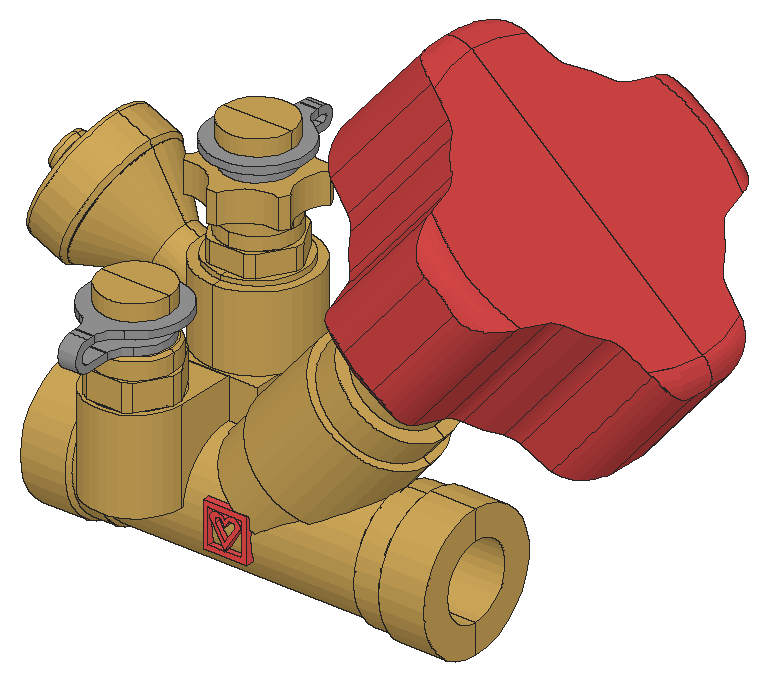
Revit family "HERZ Strömax Балансировочный клапан с измерительной диафрагмой 4017 ML", category Rohrzubehör, Revit 2019
Family settings
  Bemaßung runder Anschluss = Durchmesser verwenden
  Teiletyp = Unterbricht
  OmniClass-Nummer = 23.65.55.14
  OmniClass-Titel = Valves for Liquid Services
  Arbeitsebenenbasiert = Nein
  Immer vertikal = Ja
  Beim Laden mit Abzugskörper schneiden = Nein
  Gemeinsam genutzt = Nein
Parameters
  Среда = "Качество теплоносителя должно соответствовать требованиям ONORM H 5195, VDI 2035.\r\nДопускается использование смеси этилен- пропиленгликоля в процентном соотношении 25-50% с водой."
  Область применения = "Балансировочные клапаны применяются для гидравлической балансировки систем отопления и охлаждения, регулировки магистральных трубопроводов, стояков, теплообменников, регистров отопления и охлаждения."
  Номер заказа [instance] = size_lookup("4017_ML_", "Artnr", 0, Nennweite)  # 1401731
  Макс. рабочее давление = 2000000.0 Pa  # constant formula
  Макс. рабочая температура = 130 °C  # constant formula
  Макс. перепад давления на закрытом седле = 1000000.0 Pa  # constant formula
  Корпус = "латунь, устойчивая к селективной цинковой коррозии"  # constant formula
  Исполнение = "Балансировочный клапан ГЕРЦ 4017ML с измерительной диафрагмой и возможностью подключения импульсной трубки и двумя измерительными клапанами для измерений перепадов давления наклонный неподнимающийся шпиндель, муфта х муфта, без покрытия, фиксированная воспроизводимая предварительная настройка, показания преднастройки считываются в окошке маховика, с обеих сторон резьбовые муфты, уплотнение шпинделя при помощи тройных уплотнительных колец O-Ring."
  kvs-значения [instance] = if(Nennweite = 15.000 mm, 2, if(Nennweite = 20.000 mm, 3.6, if(Nennweite = 25.000 mm, 6.5, if(Nennweite = 32.000 mm, 13.3, if(Nennweite = 40.000 mm, 18.5, if(Nennweite = 50.000 mm, 33, 0))))))  # 2
  kv-диафрагмы [instance] = if(Nennweite = 15.000 mm, 1.95, if(Nennweite = 20.000 mm, 3.95, if(Nennweite = 25.000 mm, 7.9, if(Nennweite = 32.000 mm, 15.75, if(Nennweite = 40.000 mm, 21.5, if(Nennweite = 50.000 mm, 46.7, 0))))))  # 1.95
  W01 = 50.00°  # constant formula
  URL = "www.herz-armaturen.ru"
  SW01 = 60.00°  # constant formula
  SCRNSEQ = "ARM;ARM_TYP=\"STRV\";2"
  SCRNCODE = "05;07;02"  # constant formula
  S03 = 60.000 mm  # constant formula
  S02 [instance] = L04 + L06 + L07  # 76.800 mm
  S01 [instance] = D01 * 2  # 27.000 mm
  R03 = 21.500 mm  # constant formula
  R02 = 9.500 mm  # constant formula
  R01 = 12.000 mm  # constant formula
  L10 [instance] = size_lookup("4017_ML_", "L10", 1.000 mm, Nennweite)  # 28.500 mm
  L09 [instance] = size_lookup("4017_ML_", "L9", 1.000 mm, Nennweite)  # 22.500 mm
  L08 [instance] = size_lookup("4017_ML_", "L8", 1.000 mm, Nennweite)  # 12.700 mm
  L07 [instance] = size_lookup("4017_ML_", "L7", 1.000 mm, Nennweite)  # 35.100 mm
  L06 [instance] = size_lookup("4017_ML_", "L6", 1.000 mm, Nennweite)  # 6.500 mm
  L05 [instance] = size_lookup("4017_ML_", "L5", 1.000 mm, Nennweite)  # 20.200 mm
  L04 [instance] = size_lookup("4017_ML_", "L4", 1.000 mm, Nennweite)  # 35.200 mm
  L03 [instance] = size_lookup("4017_ML_", "L3", 1.000 mm, Nennweite)  # 1.000 mm
  H03 [instance] = H01 - 19.000 mm  # 1.000 mm
  H02 = 13.000 mm  # constant formula
  E01 [instance] = L00 / -2  # -41.500 mm
  E00 = 0.000 mm  # constant formula
  D09 [instance] = size_lookup("4017_ML_", "D9", 1.000 mm, Nennweite)  # 11.750 mm
  D08 [instance] = size_lookup("4017_ML_", "D8", 1.000 mm, Nennweite)  # 9.500 mm
  D07 [instance] = size_lookup("4017_ML_", "D7", 1.000 mm, Nennweite)  # 12.000 mm
  D06 [instance] = size_lookup("4017_ML_", "D6", 1.000 mm, Nennweite)  # 13.500 mm
  D05 [instance] = size_lookup("4017_ML_", "D5", 1.000 mm, Nennweite)  # 12.500 mm
  D04 [instance] = Nennweite / 2  # 7.500 mm
  IG [instance] = Nennweite / 2  # 7.500 mm
  D03 [instance] = size_lookup("4017_ML_", "D3", 1.000 mm, Nennweite)  # 11.900 mm
  D02 [instance] = size_lookup("4017_ML_", "D2", 1.000 mm, Nennweite)  # 12.700 mm
  D01 [instance] = size_lookup("4017_ML_", "D1", 1.000 mm, Nennweite)  # 13.500 mm
  Nennweite [instance] = 15.000 mm
  L02 [instance] = size_lookup("4017_ML_", "L2", 1.000 mm, Nennweite)  # 5.000 mm
  L01 [instance] = size_lookup("4017_ML_", "L1", 1.000 mm, Nennweite)  # 9.250 mm
  L00 [instance] = size_lookup("4017_ML_", "L", 1.000 mm, Nennweite)  # 83.000 mm
  Hersteller = "HERZ Armaturen Ges.m.b.H."  # constant formula
  H01 [instance] = size_lookup("4017_ML_", "H1", 1.000 mm, Nennweite)  # 20.000 mm
  GT [instance] = size_lookup("4017_ML_", "GT", 1.000 mm, Nennweite)  # 13.200 mm
  DN50 [instance] = Nennweite = 50.000 mm  # no
  DN40 [instance] = Nennweite = 40.000 mm  # no
  DN32 [instance] = Nennweite = 32.000 mm  # no
  DN25 [instance] = Nennweite = 25.000 mm  # no
  DN20 [instance] = Nennweite = 20.000 mm  # no
  DN15 [instance] = Nennweite = 15.000 mm  # yes
Reference planes
  plane 1 "Mitte (Vorne/hinten)": y = 0
  plane 2: z = 0
  plane 3 "Mitte (Links/rechts)": x = 0
Forms (mm)
  Revolve 1, solid, material "Messing, weicher Gelbton, geschweißt", detail levels fine
    sketch origin (470, 0, 0) x (1, 0, 0) y (0, 0, 1)
      loop
        line (-511.5, 7.5) -> (-498.3, 7.5) -> (-498.3, 0) -> (-441.7, 0) -> (-441.7, 7.5) -> (-428.5, 7.5) -> (-428.5, 13.5) -> (-437.75, 13.5) -> (-438.421, 12.7) -> (-443.421, 12.7) -> (-444.093, 11.9) -> (-495.907, 11.9) -> (-496.579, 12.7) -> (-501.579, 12.7) -> (-502.25, 13.5) -> (-511.5, 13.5) -> (-511.5, 7.5)
      axis (-511.5, 0) -> (-428.5, 0)
    angle from 0 to 360
  Revolve 2, solid, material "Messing, weicher Gelbton, geschweißt", detail levels fine
    sketch origin (0.32, 0, -0.105) x (1, 0, 0) y (0, 0, 1)
      loop
        line (-1.32, 0.105) -> (48.046, 58.937) -> (39.045, 66.49) -> (30.882, 56.761) -> (32.605, 55.315) -> (18.207, 38.155) -> (16.292, 39.762) -> (12.114, 34.783) -> (10.964, 35.747) -> (-2.02, 20.273) -> (-1.254, 19.63) -> (-7.652, 12.005) -> (-7.065, 4.926) -> (-1.32, 0.105)
      axis (-1.32, 0.105) -> (48.046, 58.937)
    angle from 0 to 360
  Extrusion 3, solid, material "Messing, weicher Gelbton, geschweißt", detail levels fine
    sketch origin (0, 0, 0) x (1, 0, 0) y (0, 1, 0)
      loop
        arc (-28.5, -12) -> (-19, -21.5) -> (-9.5, -12) r 9.5
        line (-9.5, -12) -> (-9.5, 0) -> (-28.5, 0) -> (-28.5, -12)
    from 1 <- "H03" to 20 <- "H01"
  Extrusion 4, solid, material "Messing, weicher Gelbton, geschweißt", detail levels fine
    sketch origin (0, 0, 0) x (1, 0, 0) y (0, 1, 0)
      loop
        line (-22.5, 12) -> (-22.5, 0) -> (-3.5, 0) -> (-3.5, 12)
        arc (-3.5, 12) -> (-13, 21.5) -> (-22.5, 12) r 9.5
    from 0 to 20 <- "H01"
  Extrusion 5, void
    sketch origin (0, 0, 0) x (1, 0, 0) y (0, 0, 1)
      loop
        line (55, 0) -> (80, 0) -> (80, 73) -> (55, 73) -> (55, 0)
    from 55 to -55
Cuts and joins
  Extrusion 5 cuts Revolve 2
Lines and regions (mm)
  model lines, detail levels coarse+medium
    curve 1: line (-41.5, 0, 13.5) -> (-41.5, 0, -13.5)
    curve 2: line (-41.5, 0, -13.5) -> (41.5, 0, 13.5)
    curve 3: line (41.5, 0, 13.5) -> (41.5, 0, -13.5)
    curve 4: line (41.5, 0, -13.5) -> (-41.5, 0, 13.5)
    curve 5: line (0, 0, 0) -> (38.4, 0, 66.511)
    curve 6: line (12.419, 0, 81.511) -> (64.381, 0, 51.511)
    curve 7: line (-41.5, -13.5, 0) -> (-41.5, 13.5, 0)
    curve 8: line (-41.5, 13.5, 0) -> (41.5, -13.5, 0)
    curve 9: line (41.5, -13.5, 0) -> (41.5, 13.5, 0)
    curve 10: line (41.5, 13.5, 0) -> (-41.5, -13.5, 0)
    curve 11: line (0, 0, 0) -> (38.4, 66.511, 0)
    curve 12: line (12.419, 81.511, 0) -> (64.381, 51.511, 0)
Dimensions and locks
  "L00": Revolve 1 sketch curve to Revolve 1 sketch curve
  equal spacing: Revolve 1 sketch curve, plane 3 "Mitte (Links/rechts)", Revolve 1 sketch curve
  "D01": Revolve 1 sketch curve to Revolve 1 sketch curve  (x2)
  "GT": Revolve 1 sketch curve to Revolve 1 sketch curve  (x2)
  "D06": Revolve 2 sketch curve to Revolve 2 sketch curve
  "D07": Revolve 2 sketch curve to Revolve 2 sketch curve
  "D08": Revolve 2 sketch curve to Revolve 2 sketch curve
  "D09": Revolve 2 sketch curve to Revolve 2 sketch curve
  equal spacing: curve 1, plane 3 "Mitte (Links/rechts)", curve 3
  "L00": curve 1 to curve 3
  equal spacing: curve 4, plane 2, curve 2
  "S01": curve 4 to curve 1
  "S01": curve 3 to curve 4
  equal spacing: curve 3, plane 2, curve 4
  "S02": curve 5 to curve 5
  equal spacing: curve 6, curve 5, curve 6
  "S03": curve 6 to curve 6
  equal spacing: curve 7, plane 3 "Mitte (Links/rechts)", curve 9
  "L00": curve 7 to curve 9
  equal spacing: curve 10, plane 1 "Mitte (Vorne/hinten)", curve 8
  "S01": curve 8 to curve 10
  equal spacing: curve 9, plane 1 "Mitte (Vorne/hinten)", curve 10
  "S01": curve 10 to curve 9
  "S02": curve 11 to curve 11
  equal spacing: curve 12, curve 11, curve 12
  "S03": curve 12 to curve 12
  "L01": Revolve 1 sketch curve to Revolve 1 sketch curve  (x2)
  "D02": Revolve 1 sketch curve to plane 2  (x2)
  "D03": Revolve 1 sketch curve to plane 2
  "IG": Revolve 1 sketch curve to plane 2  (x2)
  "L02": Revolve 1 sketch curve to Revolve 1 sketch curve  (x2)
  "L04": Revolve 2 sketch curve to Revolve 2 sketch curve
  "L05": Revolve 2 sketch curve to Revolve 2 sketch curve
  "D03": Revolve 2 sketch curve to plane 2
  "L06": Revolve 2 sketch curve to Revolve 2 sketch curve
  "L08": Revolve 2 sketch curve to Revolve 2 sketch curve
  "L07": Revolve 2 sketch curve to Revolve 2 sketch curve
  "D04": Revolve 2 sketch curve to Revolve 2 sketch curve
  "D05": Revolve 2 sketch curve to Revolve 2 sketch curve
  "L03": plane 3 "Mitte (Links/rechts)" to Revolve 2 sketch curve  (x2)
  "D03": nested 1 to plane 1 "Mitte (Vorne/hinten)"
  "L09": Revolve 1 to Extrusion 3 sketch curve
  "R01": Extrusion 3 sketch curve to plane 1 "Mitte (Vorne/hinten)"
  "R01": plane 1 "Mitte (Vorne/hinten)" to Extrusion 4 sketch curve
  "L10": Revolve 1 to Extrusion 4 sketch curve
  "H01": nested 2 to plane 2
  "R01": nested 2 to plane 1 "Mitte (Vorne/hinten)"
  "L09": Revolve 1 to nested 2
  Extrusion 5 sketch curve to plane 3 "Mitte (Links/rechts)" = 55.000 mm
  Extrusion 5 sketch curve to Extrusion 5 sketch curve = 25.000 mm
  Extrusion 5 sketch curve to plane 2 = 73.000 mm
  "L10": Revolve 1 to nested 9
  "R01": plane 1 "Mitte (Vorne/hinten)" to nested 9
  "H01": nested 9 to plane 2
  "R02": radius of Extrusion 3 sketch curve
  "R02": radius of Extrusion 4 sketch curve
  "W01": angle level to Revolve 2 sketch curve
  "SW01": angle plane 2 to curve 5
  "SW01": angle plane 1 "Mitte (Vorne/hinten)" to curve 11
  "W01": angle Revolve 1 sketch curve to Revolve 1 sketch curve  (x4)
  "W01": angle plane 2 to Revolve 2 sketch curve
  aligned and locked: level to plane 2
Automatic sketch dimensions
  Extrusion 5 sketch curve to level = 0.000 mm
  curve 5 to level = 0.000 mm
  plane 1 "Mitte (Vorne/hinten)" to curve 11 = 0.000 mm
  Revolve 1 sketch curve to level = 0.000 mm  (x2)
  Revolve 1 sketch curve to Revolve 1 sketch curve = 791.990 mm
  Revolve 1 sketch curve to Revolve 1 sketch curve = 2278.983 mm
  Revolve 2 sketch curve to level = 0.000 mm  (x2)
  plane 1 "Mitte (Vorne/hinten)" to Extrusion 3 sketch curve = 0.000 mm
  plane 1 "Mitte (Vorne/hinten)" to Extrusion 4 sketch curve = 0.000 mm
Nested families
  nested 1: "Herz-Logo-vorne" at (0, -11.9, 0) x (0, 1, 0) z (0, 0, 1), type "Herz-Logo-vorne", detail levels fine
  nested 2: "Messstutzen_Band_Eintritt_senkrecht_(oben)" at (-19, -12, 2.5) x (-1, 0, 0) z (0, 0, 1), type "Messstutzen_Band_Eintritt_senkrecht_(oben)", detail levels fine
    with Schutzkappe yes, Nennweite 0.000 mm, Gewicht 0.00 kg, Bestellnummer 0
  nested 3: "Strangregulierventil-Handrad (Rot) DN15-DN32" at (48.366, 0, 58.832), visible <- "DN15", type "Strangregulierventil-Handrad (Rot) DN15-DN32"
    with Nennweite 0.000 mm, Gewicht 0.00 kg, Bestellnummer 0
  nested 4: "Strangregulierventil-Handrad (Rot) DN15-DN32" at (50.13, 0, 62.126), visible <- "DN20", type "Strangregulierventil-Handrad (Rot) DN15-DN32"
    with Nennweite 0.000 mm, Gewicht 0.00 kg, Bestellnummer 0
  nested 5: "Strangregulierventil-Handrad (Rot) DN15-DN32" at (55.886, 0, 73.157), visible <- "DN25", type "Strangregulierventil-Handrad (Rot) DN15-DN32"
    with Nennweite 0.000 mm, Gewicht 0.00 kg, Bestellnummer 0
  nested 6: "Strangregulierventil-Handrad (Rot) DN15-DN32" at (60.493, 0, 82.58), visible <- "DN32", type "Strangregulierventil-Handrad (Rot) DN15-DN32"
    with Nennweite 0.000 mm, Gewicht 0.00 kg, Bestellnummer 0
  nested 7: "Strangregulierventil-Handrad (Rot) DN40-DN50" at (68.72, 0, 95.602), visible <- "DN40", type "Strangregulierventil-Handrad (Rot) DN40-DN50"
    with Nennweite 0.000 mm, Gewicht 0.00 kg, Bestellnummer 0
  nested 8: "Strangregulierventil-Handrad (Rot) DN40-DN50" at (66.762, 0, 99.586), visible <- "DN50", type "Strangregulierventil-Handrad (Rot) DN40-DN50"
    with Nennweite 0.000 mm, Gewicht 0.00 kg, Bestellnummer 0
  nested 9: "Messstutzen_Band-KFE_Austritt_senkrecht_(oben)" at (-13, 12, 24.41), type "Messstutzen_Band-KFE_Austritt_senkrecht_(oben)", detail levels fine
    with Schutzkappe yes, Nennweite 0.000 mm, Gewicht 0.00 kg, Bestellnummer 0
Connectors
  piping at (-28.3, 0, 0), diameter 15, driven by "Nennweite"
    settings: on Revolve 1, index 1, connector inside diameter 609.6 mm, connector length 0.000 mm, flow factor 0, pipe flow 0.0 L/s, pressure drop 0.0 Pa, fitting loss kfactor 0, connector angle 0.00°, fixture units 0, engagement length 0.000 mm, angle of deflection 0.00°, flow configuration 0, flow direction 1, fitting loss method 0, system type 29, joint type 0, gender type 0, connector reference index -1, connector utility 0, adjustable connector no, is connector primary yes, connector description ""
  piping at (28.3, 0, 0), diameter 15, driven by "Nennweite"
    settings: on Revolve 1, index 2, connector inside diameter 609.6 mm, connector length 0.000 mm, flow factor 0, pipe flow 0.0 L/s, pressure drop 0.0 Pa, fitting loss kfactor 0, connector angle 0.00°, fixture units 0, engagement length 0.000 mm, angle of deflection 0.00°, flow configuration 0, flow direction 2, fitting loss method 0, system type 29, joint type 0, gender type 0, connector reference index -1, connector utility 0, adjustable connector no, is connector primary no, connector description ""
Definition of nested family "Herz-Logo-vorne"
  Reference planes
    plane 1 "Mitte (Vorne/hinten)": y = 0
    plane 2: z = 0
    plane 3 "Mitte (Links/rechts)": x = 0
  Forms (mm)
    Extrusion 1, solid
      sketch origin (0.732, -0.018, 0.017) x (0, -1, 0) y (0, 0, 1)
        loop
          line (-0.018, -4.517) -> (4.482, -4.517) -> (4.482, 4.483) -> (-4.518, 4.483) -> (-4.518, -4.517) -> (-0.018, -4.517)
        loop
          line (-0.05, -3.48) -> (3.482, -3.48) -> (3.482, 3.483) -> (-3.518, 3.483) -> (-3.518, -3.48) -> (-0.05, -3.48)
        loop
          arc (-0.018, 2.383) -> (-1.543, 3.287) -> (-3.067, 2.383) r 1.738
          arc (-3.067, 2.383) -> (-3.191, 1.899) -> (-3.067, 1.415) r 1.009
          line (-3.067, 1.415) -> (-0.018, -3.281) -> (3.032, 1.415)
          arc (3.032, 1.415) -> (3.156, 1.899) -> (3.032, 2.383) r 1.009
          arc (3.032, 2.383) -> (1.507, 3.287) -> (-0.018, 2.383) r 1.738
        loop
          arc (1.885, 1.272) -> (2.005, 1.675) -> (1.885, 2.079) r 0.74
          arc (1.885, 2.079) -> (1.265, 2.416) -> (0.644, 2.079) r 0.74
          line (0.644, 2.079) -> (-0.018, 0.97) -> (-0.679, 2.079)
          arc (-0.679, 2.079) -> (-1.3, 2.416) -> (-1.921, 2.079) r 0.74
          arc (-1.921, 2.079) -> (-2.04, 1.675) -> (-1.921, 1.272) r 0.74
          line (-1.921, 1.272) -> (-0.018, -1.658) -> (1.885, 1.272)
      from 0 to 1.5
  Dimensions and locks
    aligned and locked: level to plane 2
Definition of nested family "Messstutzen_Band_Eintritt_senkrecht_(oben)"
  Parameters (values of type "Messstutzen_Band_Eintritt_senkrecht_(oben)")
    URL = "www.herz-armaturen.at"
    Schutzkappe [instance] = yes
    Nennweite [instance] = 0.000 mm
    Manufacturer = "Herz Armaturen GmbH"  # constant formula
    Gewicht [instance] = 0.00 kg
    Bestellnummer [instance] = 0
  Reference planes
    plane 1 "Mitte (Vorne/hinten)": y = 0
    plane 2: z = 0
    plane 3 "Mitte (Links/rechts)": x = 0
    plane 4 "Schlaufe 1": z = -27
    plane 5 "Schlaufe 2": z = -31.678
  Forms (mm)
    Revolve 1, solid, detail levels fine
      sketch origin (0, 0, 0) x (1, 0, 0) y (0, 0, 1)
        loop
          line (-7.4, 9) -> (-5.55, 9) -> (-5.55, 6)
          arc (-5.55, 6) -> (-5.626, 5.617) -> (-5.843, 5.293) r 1
          line (-5.843, 5.293) -> (-6.455, 4.681) -> (-6.455, 0.9) -> (-5.555, 0) -> (-2, 0) -> (-2, 17.5) -> (-8.4, 17.5)
          arc (-8.4, 17.5) -> (-7.693, 17.207) -> (-7.4, 16.5) r 1
          line (-7.4, 16.5) -> (-7.4, 9)
        loop
          line (-3.7, 27) -> (-7.3, 27) -> (-7.9, 26.4) -> (-7.9, 23) -> (-2, 23) -> (-2, 35.8) -> (-3.805, 35.8) -> (-4.415, 35.19) -> (-4.415, 30.863) -> (-3.7, 30.45) -> (-3.7, 27)
        axis (0, 0) -> (0, 35.8)
      angle from 0 to 360
    Extrusion 2, solid, detail levels fine
      sketch origin (0, 0, 17.5) x (0, 1, 0) y (-1, 0, 0)
        loop
          arc (-7.07, 5.156) -> (-7.578, 4.375) -> (-8, 3.544) r 8.75
          line (-8, 3.544) -> (-8, -3.544)
          arc (-8, -3.544) -> (-7.578, -4.375) -> (-7.07, -5.156) r 8.75
          line (-7.07, -5.156) -> (-0.93, -8.7)
          arc (-0.93, -8.7) -> (0, -8.75) -> (0.93, -8.7) r 8.75
          line (0.93, -8.7) -> (7.07, -5.156)
          arc (7.07, -5.156) -> (7.578, -4.375) -> (8, -3.544) r 8.75
          line (8, -3.544) -> (8, 3.544)
          arc (8, 3.544) -> (7.578, 4.375) -> (7.07, 5.156) r 8.75
          line (7.07, 5.156) -> (0.93, 8.7)
          arc (0.93, 8.7) -> (0, 8.75) -> (-0.93, 8.7) r 8.75
          line (-0.93, 8.7) -> (-7.07, 5.156)
      from 0 to 5.5
    Revolve 3, solid, visible <- "Schutzkappe", detail levels fine
      sketch origin (0, 0, 0) x (1, 0, 0) y (0, 0, 1)
        loop
          line (0, 35.878) -> (0, 36.678) -> (-7, 36.678) -> (-7, 33.378) -> (-6.1, 33.378) -> (-6.1, 31.678) -> (-6.9, 31.678) -> (-6.9, 30.178) -> (-4.415, 30.178) -> (-4.415, 35.268) -> (-3.805, 35.878) -> (0, 35.878)
        axis (0, 30.178) -> (0, 36.678)
      angle from 0 to 360
    Extrusion 4, solid, detail levels fine
      sketch origin (0, 0, 28.5) x (1, 0, 0) y (0, 1, 0)
        loop
          circle (0, 0) r 3.7
        loop
          arc (-3.906, 5.505) -> (0, -6.75) -> (3.906, 5.505) r 6.75
          arc (3.906, 5.505) -> (2.358, 7.288) -> (1.8, 9.582) r 5
          line (1.8, 9.582) -> (-1.8, 9.582)
          arc (-1.8, 9.582) -> (-2.358, 7.288) -> (-3.906, 5.505) r 5
      from 0 to -1.5
    Extrusion 5, solid, detail levels fine
      sketch origin (0, 0, 33.178) x (1, 0, 0) y (0, 1, 0)
        loop
          circle (0, 0) r 6.1
        loop
          arc (-4.495, 8.652) -> (0, -9.75) -> (4.495, 8.652) r 9.75
          arc (4.495, 8.652) -> (2.527, 10.493) -> (1.8, 13.089) r 5
          line (1.8, 13.089) -> (-1.8, 13.089)
          arc (-1.8, 13.089) -> (-2.527, 10.493) -> (-4.495, 8.652) r 5
      from 0 to -1.5
    Sweep 6, solid, detail levels fine
      path origin (0, 0, 0) x (0, 0, -1) y (0, -1, 0)
        loop
          line (-27.75, -9.582) -> (-27.75, -14.522)
          arc (-27.75, -14.522) -> (-30.089, -16.862) -> (-32.428, -14.522) r 2.339
          line (-32.428, -14.522) -> (-32.428, -13.089)
      profile origin (0, 12.052, 27.75) x (0, 0, 1) y (1, 0, 0)
        loop
          line (-0.75, -1.8) -> (0.75, -1.8) -> (0.75, 1.8) -> (-0.75, 1.8) -> (-0.75, -1.8)
  Dimensions and locks
    aligned and locked: level to plane 2
Definition of nested family "Strangregulierventil-Handrad (Rot) DN15-DN32"
  Parameters (values of type "Strangregulierventil-Handrad (Rot) DN15-DN32")
    URL = "www.herz-armaturen.at"
    Nennweite [instance] = 0.000 mm
    Manufacturer = "Herz Armaturen GmbH"  # constant formula
    Gewicht [instance] = 0.00 kg
    Bestellnummer [instance] = 0
  Reference planes
    plane 1 "Mitte (Vorne/hinten)": y = 0
    plane 2: z = 0
    plane 3 "Mitte (Links/rechts)": x = 0
  Forms (mm)
    Revolve 1, solid, detail levels fine
      sketch origin (0, 0, 0) x (0.766044, 0, -0.642788) y (0.642788, 0, 0.766044)
        loop
          line (0, 0) -> (0, 24.95) -> (-30.992, 24.95)
          arc (-30.992, 24.95) -> (-34.37, 23.636) -> (-35.973, 20.386) r 5
          line (-35.973, 20.386) -> (-37, 8.65) -> (-35.986, -2.936)
          arc (-35.986, -2.936) -> (-34.383, -6.186) -> (-31.005, -7.5) r 5
          line (-31.005, -7.5) -> (-15, -7.5) -> (-15, 0) -> (0, 0)
        axis (0, 24.95) -> (0, -7.5)
      angle from 0 to 360
    Extrusion 2, void
      sketch origin (13.049, 0, 15.551) x (0.766044, 0, -0.642788) y (0, 1, 0)
        loop
          line (3.861, 35.5) -> (-3.861, 35.5)
          arc (-3.861, 35.5) -> (-8.731, 33.847) -> (-11.589, 29.571) r 8
          line (-11.589, 29.571) -> (-13.284, 23.245)
          arc (-13.284, 23.245) -> (-13.982, 21.722) -> (-15.144, 20.516) r 5
          arc (-15.144, 20.516) -> (-18.031, 18.031) -> (-20.516, 15.144) r 25.5
          arc (-20.516, 15.144) -> (-21.722, 13.982) -> (-23.245, 13.284) r 5
          line (-23.245, 13.284) -> (-29.571, 11.589)
          arc (-29.571, 11.589) -> (-33.847, 8.731) -> (-35.5, 3.861) r 8
          line (-35.5, 3.861) -> (-35.5, -3.861)
          arc (-35.5, -3.861) -> (-33.847, -8.731) -> (-29.571, -11.589) r 8
          line (-29.571, -11.589) -> (-23.245, -13.284)
          arc (-23.245, -13.284) -> (-21.722, -13.982) -> (-20.516, -15.144) r 5
          arc (-20.516, -15.144) -> (-18.031, -18.031) -> (-15.144, -20.516) r 25.5
          arc (-15.144, -20.516) -> (-13.982, -21.722) -> (-13.284, -23.245) r 5
          line (-13.284, -23.245) -> (-11.589, -29.571)
          arc (-11.589, -29.571) -> (-8.731, -33.847) -> (-3.861, -35.5) r 8
          line (-3.861, -35.5) -> (3.861, -35.5)
          arc (3.861, -35.5) -> (8.731, -33.847) -> (11.589, -29.571) r 8
          line (11.589, -29.571) -> (13.284, -23.245)
          arc (13.284, -23.245) -> (13.982, -21.722) -> (15.144, -20.516) r 5
          arc (15.144, -20.516) -> (18.031, -18.031) -> (20.516, -15.144) r 25.5
          arc (20.516, -15.144) -> (21.722, -13.982) -> (23.245, -13.284) r 5
          line (23.245, -13.284) -> (29.571, -11.589)
          arc (29.571, -11.589) -> (33.847, -8.731) -> (35.5, -3.861) r 8
          line (35.5, -3.861) -> (35.5, 3.861)
          arc (35.5, 3.861) -> (33.847, 8.731) -> (29.571, 11.589) r 8
          line (29.571, 11.589) -> (23.245, 13.284)
          arc (23.245, 13.284) -> (21.722, 13.982) -> (20.516, 15.144) r 5
          arc (20.516, 15.144) -> (18.031, 18.031) -> (15.144, 20.516) r 25.5
          arc (15.144, 20.516) -> (13.982, 21.722) -> (13.284, 23.245) r 5
          line (13.284, 23.245) -> (11.589, 29.571)
          arc (11.589, 29.571) -> (8.731, 33.847) -> (3.861, 35.5) r 8
        loop
          circle (0, 0) r 38
      from -31.266 to 7.923
  Cuts and joins
    Extrusion 2 cuts Revolve 1
  Dimensions and locks
    Revolve 1 sketch curve to Revolve 1 sketch curve = 15.000 mm
    Revolve 1 sketch curve to Revolve 1 sketch curve = 16.150 mm
    Revolve 1 sketch curve to Revolve 1 sketch curve = 16.300 mm
    angle Revolve 1 sketch curve to Revolve 1 sketch curve = 95.00°
    aligned and locked: level to plane 2
Definition of nested family "Strangregulierventil-Handrad (Rot) DN40-DN50"
  Parameters (values of type "Strangregulierventil-Handrad (Rot) DN40-DN50")
    URL = "www.herz-armaturen.at"
    Nennweite [instance] = 0.000 mm
    Manufacturer = "Herz Armaturen GmbH"  # constant formula
    Gewicht [instance] = 0.00 kg
    Bestellnummer [instance] = 0
  Reference planes
    plane 1 "Mitte (Vorne/hinten)": y = 0
    plane 2: z = 0
    plane 3 "Mitte (Links/rechts)": x = 0
  Forms (mm)
    Revolve 1, solid, detail levels fine
      sketch origin (0, 0, 0) x (0.766044, 0, -0.642788) y (0.642788, 0, 0.766044)
        loop
          line (0, 0) -> (0, 24.95) -> (-50.992, 24.95)
          arc (-50.992, 24.95) -> (-54.37, 23.636) -> (-55.973, 20.386) r 5
          line (-55.973, 20.386) -> (-57, 8.65) -> (-55.986, -2.936)
          arc (-55.986, -2.936) -> (-54.383, -6.186) -> (-51.005, -7.5) r 5
          line (-51.005, -7.5) -> (-15, -7.5) -> (-15, 0) -> (0, 0)
        axis (0, 24.95) -> (0, -7.5)
      angle from 0 to 360
    Extrusion 2, void
      sketch origin (13.049, 0, 15.551) x (0.766044, 0, -0.642788) y (0, 1, 0)
        loop
          line (-55, 6.292) -> (-55, -6.292)
          arc (-55, -6.292) -> (-52.52, -13.597) -> (-46.106, -17.883) r 12
          line (-46.106, -17.883) -> (-35.399, -20.752)
          arc (-35.399, -20.752) -> (-33.541, -21.612) -> (-32.08, -23.047) r 6
          arc (-32.08, -23.047) -> (-27.931, -27.931) -> (-23.047, -32.08) r 39.5
          arc (-23.047, -32.08) -> (-21.612, -33.541) -> (-20.752, -35.399) r 6
          line (-20.752, -35.399) -> (-17.883, -46.106)
          arc (-17.883, -46.106) -> (-13.597, -52.52) -> (-6.292, -55) r 12
          line (-6.292, -55) -> (6.292, -55)
          arc (6.292, -55) -> (13.597, -52.52) -> (17.883, -46.106) r 12
          line (17.883, -46.106) -> (20.752, -35.399)
          arc (20.752, -35.399) -> (21.612, -33.541) -> (23.047, -32.08) r 6
          arc (23.047, -32.08) -> (27.931, -27.931) -> (32.08, -23.047) r 39.5
          arc (32.08, -23.047) -> (33.541, -21.612) -> (35.399, -20.752) r 6
          line (35.399, -20.752) -> (46.106, -17.883)
          arc (46.106, -17.883) -> (52.52, -13.597) -> (55, -6.292) r 12
          line (55, -6.292) -> (55, 6.292)
          arc (55, 6.292) -> (52.52, 13.597) -> (46.106, 17.883) r 12
          line (46.106, 17.883) -> (35.399, 20.752)
          arc (35.399, 20.752) -> (33.541, 21.612) -> (32.08, 23.047) r 6
          arc (32.08, 23.047) -> (27.931, 27.931) -> (23.047, 32.08) r 39.5
          arc (23.047, 32.08) -> (21.612, 33.541) -> (20.752, 35.399) r 6
          line (20.752, 35.399) -> (17.883, 46.106)
          arc (17.883, 46.106) -> (13.597, 52.52) -> (6.292, 55) r 12
          line (6.292, 55) -> (-6.292, 55)
          arc (-6.292, 55) -> (-13.597, 52.52) -> (-17.883, 46.106) r 12
          line (-17.883, 46.106) -> (-20.752, 35.399)
          arc (-20.752, 35.399) -> (-21.612, 33.541) -> (-23.047, 32.08) r 6
          arc (-23.047, 32.08) -> (-27.931, 27.931) -> (-32.08, 23.047) r 39.5
          arc (-32.08, 23.047) -> (-33.541, 21.612) -> (-35.399, 20.752) r 6
          line (-35.399, 20.752) -> (-46.106, 17.883)
          arc (-46.106, 17.883) -> (-52.52, 13.597) -> (-55, 6.292) r 12
        loop
          circle (0, 0) r 60
      from -31.161 to 7.489
  Cuts and joins
    Extrusion 2 cuts Revolve 1
  Dimensions and locks
    Revolve 1 sketch curve to Revolve 1 sketch curve = 15.000 mm
    Revolve 1 sketch curve to Revolve 1 sketch curve = 16.150 mm
    Revolve 1 sketch curve to Revolve 1 sketch curve = 16.300 mm
    Revolve 1 sketch curve to Revolve 1 sketch curve = 57.000 mm
    angle Revolve 1 sketch curve to Revolve 1 sketch curve = 95.00°
    aligned and locked: level to plane 2
Definition of nested family "Messstutzen_Band-KFE_Austritt_senkrecht_(oben)"
  Parameters (values of type "Messstutzen_Band-KFE_Austritt_senkrecht_(oben)")
    URL = "www.herz-armaturen.at"
    Schutzkappe [instance] = yes
    Nennweite [instance] = 0.000 mm
    Manufacturer = "Herz Armaturen GmbH"  # constant formula
    Gewicht [instance] = 0.00 kg
    Bestellnummer [instance] = 0
  Reference planes
    plane 1 "Mitte (Vorne/hinten)": y = 0
    plane 2: z = 0
    plane 3 "Mitte (Links/rechts)": x = 0
  Forms (mm)
    Revolve 1, solid, detail levels fine
      sketch origin (0, 0, 0) x (1, 0, 0) y (0, 0, 1)
        loop
          line (-7.4, 9) -> (-5.55, 9) -> (-5.55, 6)
          arc (-5.55, 6) -> (-5.626, 5.617) -> (-5.843, 5.293) r 1
          line (-5.843, 5.293) -> (-6.455, 4.681) -> (-6.455, 0.9) -> (-5.555, 0) -> (-2, 0) -> (-2, 23) -> (-2, 35.8) -> (-3.805, 35.8) -> (-4.415, 35.19) -> (-4.415, 30.863) -> (-3.7, 30.45) -> (-3.7, 27) -> (-7.4, 27) -> (-7.4, 9)
        axis (0, 0) -> (0, 35.8)
      angle from 0 to 360
    Extrusion 2, solid, detail levels fine
      sketch origin (0, 0, 17.5) x (0, 1, 0) y (-1, 0, 0)
        loop
          arc (-7.07, 5.156) -> (-7.578, 4.375) -> (-8, 3.544) r 8.75
          line (-8, 3.544) -> (-8, -3.544)
          arc (-8, -3.544) -> (-7.578, -4.375) -> (-7.07, -5.156) r 8.75
          line (-7.07, -5.156) -> (-0.93, -8.7)
          arc (-0.93, -8.7) -> (0, -8.75) -> (0.93, -8.7) r 8.75
          line (0.93, -8.7) -> (7.07, -5.156)
          arc (7.07, -5.156) -> (7.578, -4.375) -> (8, -3.544) r 8.75
          line (8, -3.544) -> (8, 3.544)
          arc (8, 3.544) -> (7.578, 4.375) -> (7.07, 5.156) r 8.75
          line (7.07, 5.156) -> (0.93, 8.7)
          arc (0.93, 8.7) -> (0, 8.75) -> (-0.93, 8.7) r 8.75
          line (-0.93, 8.7) -> (-7.07, 5.156)
      from -5.51 to -1.21
    Revolve 3, solid, visible <- "Schutzkappe", detail levels fine
      sketch origin (0, 0, 0) x (1, 0, 0) y (0, 0, 1)
        loop
          line (0, 35.878) -> (0, 36.678) -> (-7, 36.678) -> (-7, 33.378) -> (-6.1, 33.378) -> (-6.1, 31.678) -> (-6.9, 31.678) -> (-6.9, 30.178) -> (-4.415, 30.178) -> (-4.415, 35.268) -> (-3.805, 35.878) -> (0, 35.878)
        axis (0, 30.178) -> (0, 36.678)
      angle from 0 to 360
    Extrusion 4, solid, detail levels fine
      sketch origin (0, 0, 30) x (1, 0, 0) y (0, 1, 0)
        loop
          circle (0, 0) r 3.7
        loop
          arc (-3.906, 5.505) -> (0, -6.75) -> (3.906, 5.505) r 6.75
          arc (3.906, 5.505) -> (2.358, 7.288) -> (1.8, 9.582) r 5
          line (1.8, 9.582) -> (-1.8, 9.582)
          arc (-1.8, 9.582) -> (-2.358, 7.288) -> (-3.906, 5.505) r 5
      from 0 to -1.5
    Extrusion 5, solid, detail levels fine
      sketch origin (0, 0, 33.178) x (1, 0, 0) y (0, 1, 0)
        loop
          circle (0, 0) r 6.1
        loop
          arc (-4.495, 8.652) -> (0, -9.75) -> (4.495, 8.652) r 9.75
          arc (4.495, 8.652) -> (2.527, 10.493) -> (1.8, 13.089) r 5
          line (1.8, 13.089) -> (-1.8, 13.089)
          arc (-1.8, 13.089) -> (-2.527, 10.493) -> (-4.495, 8.652) r 5
      from 0 to -1.5
    Sweep 6, solid, detail levels fine
      path origin (0, 0, 0) x (0, 0, -1) y (0, -1, 0)
        loop
          line (-29.25, -9.582) -> (-29.25, -14.522)
          arc (-29.25, -14.522) -> (-30.839, -16.112) -> (-32.428, -14.522) r 1.589
          line (-32.428, -14.522) -> (-32.428, -13.089)
      profile origin (0, 12.052, 29.25) x (0, 0, 1) y (1, 0, 0)
        loop
          line (-0.75, -1.8) -> (0.75, -1.8) -> (0.75, 1.8) -> (-0.75, 1.8) -> (-0.75, -1.8)
    Extrusion 7, solid, detail levels fine
      sketch origin (-101.196, 0, 0) x (1, 0, 0) y (0, 1, 0)
        loop
          arc (112.053, 5.113) -> (111.589, 6) -> (111.053, 6.845) r 12
          arc (111.053, 6.845) -> (105.696, 7.794) -> (102.196, 11.958) r 7.971
          arc (102.196, 11.958) -> (101.196, 12) -> (100.196, 11.958) r 12
          arc (100.196, 11.958) -> (96.696, 7.794) -> (91.34, 6.845) r 7.971
          arc (91.34, 6.845) -> (90.804, 6) -> (90.34, 5.113) r 12
          arc (90.34, 5.113) -> (92.196, 0) -> (90.34, -5.113) r 7.971
          arc (90.34, -5.113) -> (90.804, -6) -> (91.34, -6.845) r 12
          arc (91.34, -6.845) -> (96.696, -7.794) -> (100.196, -11.958) r 7.971
          arc (100.196, -11.958) -> (101.196, -12) -> (102.196, -11.958) r 12
          arc (102.196, -11.958) -> (105.696, -7.794) -> (111.053, -6.845) r 7.971
          arc (111.053, -6.845) -> (111.589, -6) -> (112.053, -5.113) r 12
          arc (112.053, -5.113) -> (110.196, 0) -> (112.053, 5.113) r 7.971
      from 22.3 to 28.5
    Revolve 8, solid, detail levels fine
      sketch origin (0, 43.374, -20) x (0, 1, 0) y (0, 0, 1)
        loop
          line (-43.374, 0) -> (-37.874, 0) -> (-36.774, 1.1) -> (-36.774, 4.9) -> (-37.874, 6) -> (-37.874, 8.4) -> (-36.424, 8.4) -> (-36.424, 9.2) -> (-34.424, 9.2) -> (-34.424, 15.59) -> (-31.874, 15.59) -> (-31.874, 30.99) -> (-33.874, 30.99) -> (-33.874, 31.99) -> (-43.374, 31.99) -> (-43.374, 0)
        loop
          line (-43.374, 39) -> (-43.374, 36.29) -> (-35.874, 36.29) -> (-35.874, 39) -> (-43.374, 39)
        axis (-43.374, 39) -> (-43.374, 0)
      angle from 0 to 360
    Revolve 9, solid, detail levels fine
      sketch origin (0, 0, 0) x (-1, 0, 0) y (0, 0, 1)
        loop
          line (0, -1.01) -> (32.627, 14.204) -> (27.556, 25.08) -> (25.934, 25.67) -> (21.602, 23.65) -> (14.873, 11.994) -> (-2.324, 3.975) -> (0, -1.01)
        axis (32.627, 14.204) -> (0, -1.01)
      angle from 0 to 360
    Revolve 10, solid, detail levels fine
      sketch origin (-51.188, 0, -39.797) x (-0.422618, 0, -0.906308) y (-0.906308, 0, 0.422618)
        loop
          line (-56.786, 8) -> (-45.747, 8) -> (-45.747, 0) -> (-43.834, 0) -> (-42.786, 1.048) -> (-42.786, 8.048)
          arc (-42.786, 8.048) -> (-43.065, 8.721) -> (-43.738, 9) r 0.952
          line (-43.738, 9) -> (-52.974, 9)
          arc (-52.974, 9) -> (-53.548, 9.238) -> (-53.786, 9.812) r 0.812
          line (-53.786, 9.812) -> (-53.786, 12) -> (-52.786, 12) -> (-52.786, 13.03)
          arc (-52.786, 13.03) -> (-53.07, 13.716) -> (-53.756, 14) r 0.97
          line (-53.756, 14) -> (-56.786, 14) -> (-56.786, 8)
        axis (-56.786, 14) -> (-56.786, 0)
      angle from 0 to 360
  Dimensions and locks
    aligned and locked: level to plane 2
